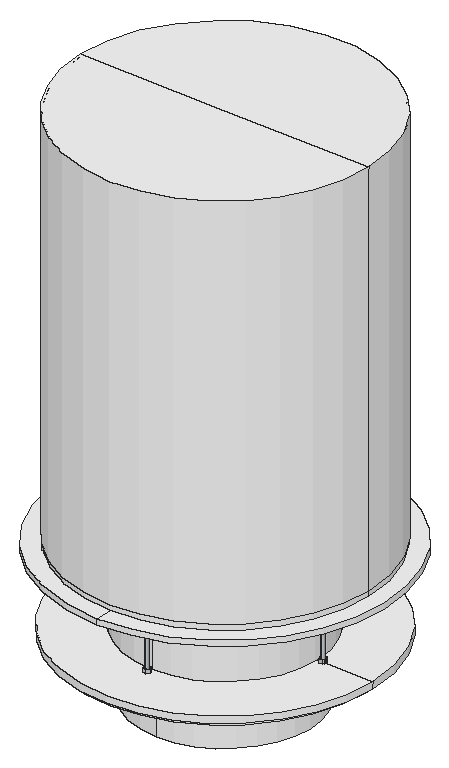
Revit family "R1200-JD-G18H-W31P-16.5L", category Plumbing Fixtures, host Face, Revit 2026
Family settings
  Host = Face
  Round Connector Dimension = Use Radius
  Part Type = Normal
  Enable Cutting in Views = No
  Cut with Voids When Loaded = No
  Maintain Annotation Orientation = No
  Shared = No
  Room Calculation Point = No
Parameters (values of type "R1208-JD-G18H-W31P-16.5L _8" Drain Pipe Size")
  WFU = 0
  URL = "WWW.MIFAB.COM"
  Pipe Radius = Pipe Diameter / 2  # 0' - 4"
  Pipe Diameter = 0' - 8"
  No Hub Standard Height = 0' - 6 1/2"
  Model = "R1208-JD-M-G5H"
  Manufacturer = "MIFAB"
  Floor Drain Material = Paint - Sherwin Williams Paint - #952C2A - Bellwood Red
  Description = "LARGE GREEN ROOF DRAIN WITH STAINLESS STEEL BALLAST GUARD AND PVC PERFORATED STANDPIPE"
  Default Elevation = 0' - 0"
  CWFU = 0
  Bottom Height = 0' - 3 1/2"
  Assembly Code = ""
Types (7): name | Pipe Radius | Pipe Diameter | No Hub Standard Height | Model
  (no name) | 0' - 4" | 0' - 8" | 0' - 6 1/2" | "R1208-JD-M-G5H"
  R1205,6-JD-G18H-W31P-16.5L_6" Drain Pipe Size | 0' - 3" | 0' - 6" | 0' - 6 1/2" | "R1205,6-JD-G18H-W31P-16.5L"
  R1208-JD-G18H-W31P-16.5L _8" Drain Pipe Size | 0' - 4" | 0' - 8" | 0' - 6 1/2" | "R1208-JD-M-G5H"
  R1205,6-JD-G18H-W31P-16.5L_5" Drain Pipe Size | 0' - 2 1/2" | 0' - 5" | 0' - 6 3/4" | "R1205,6-JD-G18H-W31P-16.5L"
  R1202,3,4-JD-G18H-W31P-16.5L_4" Drain Pipe Size | 0' - 2" | 0' - 4" | 0' - 6 1/2" | "R1202,3,4-JD-G18H-W31P-16.5L"
  R1202,3,4-JD-G18H-W31P-16.5L_3" Drain Pipe Size | 0' - 1 1/2" | 0' - 3" | 0' - 6 1/2" | "R1202,3,4-JD-G18H-W31P-16.5L"
  R1202,3,4-JD-G18H-W31P-16.5L _2" Drain Pipe Size | 0' - 1" | 0' - 2" | 0' - 6 1/2" | "R1202,3,4-JD-G18H-W31P-16.5L"
Reference planes (in)
  plane 1 "Center (Front/Back)": y = 0
  plane 2: z = 0
  plane 3 "Center (Left/Right)": x = 0
  plane 4: z = -7.25
  plane 5: z = -3
  plane 6: z = -5
  plane 7: y = -4
  plane 8: y = 4
  plane 9: x = -2.5
  plane 10: x = 2.5
  plane 11: z = 18
  plane 12: x = 7.5
  plane 13: x = -7.5
  plane 14: y = 7.5
  plane 15: y = -7.5
  plane 16: z = -5.14286
  plane 17: z = -0.25
  plane 18: z = -6.5
  plane 19: y = 3.75
  plane 20: y = -3.75
  plane 21: y = 4.8125
  plane 22: y = -4.8125
  plane 23: x = 6.23869
  plane 24: x = 6.75
  plane 25: x = -6.75
  plane 26: z = 16.5
  plane 27: z = -3.5
  plane 28: z = -4.26379
Forms (in)
  Revolve 1, solid, material "Paint - Sherwin Williams Paint - #952C2A - Bellwood Red" <- "Floor Drain Material"
    sketch origin (0, 0.04396, -2.375) x (0, 1, 0) y (0, 0, 1)
      loop
        line (-4.16896, 2.375) -> (-7.54396, 2.375) -> (-7.54396, 2.125) -> (-4.85646, 2.125) -> (-4.85646, 1.375) -> (-4.29396, 1.375) -> (-4.29396, -2.0625) -> (-4.04396, -2.0625) -> (-4.04396, -4.125) -> (-3.79396, -4.125) -> (-3.79396, -1.8125) -> (-3.66896, -1.8125) -> (-3.66896, -0.625) -> (-4.16896, -0.625) -> (-4.16896, 2.375)
      axis (-0.04396, 2.375) -> (-0.04396, -4.125)
    angle from 0 to 360
  Revolve 2, solid, material "Paint - Sherwin Williams Paint - #952C2A - Bellwood Red" <- "Floor Drain Material"
    sketch origin (0, 0, 7.5) x (1, 0, 0) y (0, 0, 1)
      loop
        line (6.75, 10.5) -> (0, 10.5) -> (0, 10.43634) -> (6.68634, 10.43634) -> (6.68634, -7.25) -> (6.75, -7.25) -> (6.75, 10.5)
      axis (0, -7.25) -> (0, 10.5)
    angle from 0 to 360
  Revolve 3, solid, material "Paint - Sherwin Williams Paint - #952C2A - Bellwood Red" <- "Floor Drain Material"
    sketch origin (0, 0, 0) x (1, 0, 0) y (0, 0, 1)
      loop
        line (6.72286, 0) -> (6.72286, 0.25) -> (6.46702, 0.25) -> (6.46702, 0.57791) -> (6.17015, 0.57791) -> (6.17015, 0.25) -> (2.71505, 0.25) -> (2.71505, 0.75) -> (2.30485, 0.75) -> (2.30485, 0.25) -> (2.24434, 0.25) -> (2.24434, 1.38137) -> (2.5, 1.38137) -> (2.5, 4.5) -> (2.24434, 4.5) -> (2.24434, 16.5) -> (2, 16.5) -> (2, 1.90047) -> (0, 1.90047) -> (0, 1.65047) -> (2, 1.65047) -> (2, 0.25) -> (0, 0.25) -> (0, 0) -> (6.72286, 0)
      axis (0, 0) -> (0, 16.5)
    angle from 0 to 360
  Revolve 4, solid, material "Paint - Sherwin Williams Paint - #952C2A - Bellwood Red" <- "Floor Drain Material"
    sketch origin (0, 0, 0) x (1, 0, 0) y (0, 0, 1)
      loop
        line (6.9375, -3.5) -> (4.35041, -3.5) -> (4.35041, -4.01379) -> (5.35041, -4.01379) -> (5.35041, -4.26379) -> (5.85041, -4.26379) -> (5.85041, -4.01379) -> (6.6875, -4.01379) -> (6.6875, -3.80633) -> (6.9375, -3.80633) -> (6.9375, -3.5)
      axis (0, -4.26379) -> (0, -3.5)
    angle from 0 to 360
Lines and regions (in)
  model lines, not visible
    curve 1: line (6.7156, 0, 9.07611) -> (12.5156, 0, 9.07611)
    curve 2: line (12.5156, 0, 9.07611) -> (12.5156, 0, 10.82611)
    curve 3: line (12.5156, 0, 10.82611) -> (6.7156, 0, 10.82611)
    curve 4: line (6.7156, 0, 10.82611) -> (6.7156, 0, 9.07611)
    curve 5: line (7.13163, 0, 10.86539) -> (7.13163, 0, 12.86539)
    curve 6: line (7.13163, 0, 12.86539) -> (15.53163, 0, 12.86539)
    curve 7: line (15.53163, 0, 12.86539) -> (15.53163, 0, 10.86539)
    curve 8: line (11.33163, 0, 12.86539) -> (11.33163, 0, 12.36539)
    curve 9: line (0, 28.52778, -10.8585) -> (0, 28.52778, -8.6085)
    curve 10: line (0, 28.52778, -8.6085) -> (0, 21.02778, -8.6085)
    curve 11: line (0, 21.02778, -8.6085) -> (0, 21.02778, -10.8585)
    curve 12: line (0, 24.77778, -8.6085) -> (0, 24.77778, -9.1085)
    curve 13: line (13.30546, 0, 10.44272) -> (13.30546, 0, 12.69272)
    curve 14: line (13.30546, 0, 12.69272) -> (26.80546, 0, 12.69272)
    curve 15: line (26.80546, 0, 12.69272) -> (26.80546, 0, 10.44272)
    curve 16: line (20.05546, 0, 12.69272) -> (20.05546, 0, 13.19272)
Dimensions and locks (in)
  locked: plane 5 to plane 4 at 4.25
  equal spacing: plane 8, plane 1 "Center (Front/Back)", plane 7
  "Pipe Diameter": plane 8 to plane 7
  "Pipe Radius": plane 1 "Center (Front/Back)" to plane 7
  plane 11 to level = 1' - 6"
  plane 13 to plane 3 "Center (Left/Right)" to plane 12 = 0' - 7 1/2" locked, 0' - 7 1/2" locked
  plane 13 to plane 12 = 1' - 3"  (x3)
  plane 15 to plane 1 "Center (Front/Back)" to plane 14 = 0' - 7 1/2" locked, 0' - 7 1/2" locked
  plane 15 to plane 14 = 1' - 3"
  locked: plane 2 to plane 17 at 0.25
  "No Hub Standard Height": plane 2 to plane 18
  equal spacing: plane 19, plane 1 "Center (Front/Back)", plane 20
  plane 19 to plane 20 = 0' - 7 1/2"
  locked: Revolve 1 sketch curve to plane 15 at 2.6875
  plane 21 to plane 22 = 0' - 9 5/8"
  locked: plane 6 to plane 18 at 1.5
  Revolve 1 sketch curve to plane 22 = 0' - 0 9/16"
  locked: plane 11 to plane 2 at 18
  plane 26 to level = 1' - 4 1/2"
  locked: plane 27 to plane 28 at 0.76379
  "Bottom Height": plane 2 to plane 27
  aligned and locked: plane 2 to host face
  aligned and locked: level to host face
  aligned and locked: Revolve 1 sketch curve to plane 18
  aligned and locked: plane 17 to Revolve 1 sketch curve
  aligned and locked: plane 15 to Revolve 1 sketch curve
  aligned and locked: Revolve 2 sketch curve to plane 11
  aligned and locked: plane 3 "Center (Left/Right)" to Revolve 2 sketch curve
  aligned and locked: plane 27 to Revolve 4 sketch curve
  aligned and locked: plane 28 to Revolve 4 sketch curve
  aligned and locked: plane 1 "Center (Front/Back)" to nested 1
  aligned and locked: nested 1 to Revolve 1
  aligned and locked: nested 2 to Revolve 1
  aligned and locked: nested 3 to Revolve 1
  aligned and locked: nested 4 to Revolve 1
  aligned and locked: nested 2 to plane 1 "Center (Front/Back)"
  aligned and locked: plane 3 "Center (Left/Right)" to nested 4
  aligned and locked: plane 3 "Center (Left/Right)" to nested 3
  aligned and locked: Revolve 3 sketch curve to plane 26
Automatic sketch dimensions
  curve 5 to curve 7 = 0' - 8.4"
  curve 5 to curve 8 = 0' - 4.2"
  curve 5 to curve 5 = 0' - 2"
  curve 7 to curve 6 = 0' - 2"
  curve 8 to curve 8 = 0' - 0 1/2"
  host sketch curve to host sketch curve = 8' - 0"  (x2)
  Revolve 1 sketch curve to plane 5 = 0' - 0"
  Revolve 1 sketch curve to level = 0' - 0"
  plane 20 to Revolve 1 sketch curve = 0' - 0 1/8"
  Revolve 1 sketch curve to plane 7 = 0' - 0"
  Revolve 1 sketch curve to plane 1 "Center (Front/Back)" = 0' - 0"
  Revolve 1 sketch curve to plane 4 = 0' - 0"
  plane 6 to Revolve 1 sketch curve = 0' - 0 9/16"
  Revolve 1 sketch curve to plane 20 = 0' - 0 3/8"
  Revolve 1 sketch curve to plane 7 = 0' - 0 1/4"
  plane 6 to Revolve 1 sketch curve = 0' - 0 13/16"
  Revolve 1 sketch curve to plane 17 = 0' - 0 3/4"
  Revolve 1 sketch curve to plane 5 = 0' - 0 1/4"
  Revolve 2 sketch curve to plane 3 "Center (Left/Right)" = 0' - 0"
  Revolve 2 sketch curve to plane 24 = 0' - 0"
  Revolve 2 sketch curve to plane 26 = 0' - 0"
  level to Revolve 2 sketch curve = 0' - 0 1/4"
  Revolve 2 sketch curve to plane 24 = 0' - 0.06366"
  Revolve 2 sketch curve to plane 26 = 0' - 0 1/2"
  Revolve 2 sketch curve to plane 11 = 0' - 0.06366"
  Revolve 4 sketch curve to plane 3 "Center (Left/Right)" = 0' - 0"
  Revolve 4 sketch curve to plane 10 = 0' - 1.85041"
  Revolve 4 sketch curve to plane 23 = 0' - 0.88828"
  Revolve 4 sketch curve to plane 23 = 0' - 0.38828"
  Revolve 4 sketch curve to plane 24 = 0' - 0 1/16"
  plane 24 to Revolve 4 sketch curve = 0' - 0 3/16"
  Revolve 4 sketch curve to Revolve 4 sketch curve = 0' - 0 1/4"  (x2)
  Revolve 4 sketch curve to Revolve 4 sketch curve = 0' - 0.20746"
  plane 11 to Revolve 4 sketch curve = 0' - 11.79464"
  Revolve 4 sketch curve to Revolve 4 sketch curve = 0' - 2 1/4"
  Revolve 3 sketch curve to plane 3 "Center (Left/Right)" = 0' - 0"  (x3)
  Revolve 3 sketch curve to level = 0' - 0"
  plane 10 to Revolve 3 sketch curve = 0' - 0"
  plane 10 to Revolve 3 sketch curve = 0' - 0 1/2"  (x2)
  level to Revolve 3 sketch curve = 0' - 0 1/4"  (x4)
  Revolve 3 sketch curve to Revolve 3 sketch curve = 0' - 0.24434"  (x2)
  plane 10 to Revolve 3 sketch curve = 0' - 0.19515"
  Revolve 3 sketch curve to plane 10 = 0' - 0.21505"
  Revolve 3 sketch curve to plane 23 = 0' - 0.06854"
  plane 23 to Revolve 3 sketch curve = 0' - 0.22834"
  Revolve 3 sketch curve to plane 24 = 0' - 0.02714"
  Revolve 3 sketch curve to Revolve 3 sketch curve = 0' - 0.32791"
  Revolve 3 sketch curve to Revolve 3 sketch curve = 0' - 0 1/2"
  Revolve 3 sketch curve to Revolve 3 sketch curve = 0' - 0.63137"
  Revolve 3 sketch curve to Revolve 3 sketch curve = 0' - 1.40047"
  Revolve 3 sketch curve to Revolve 3 sketch curve = 0' - 0 1/4"
  Revolve 3 sketch curve to Revolve 3 sketch curve = 1' - 0"
  plane 11 to Revolve 3 sketch curve = 0' - 2.65404"
  Revolve 3 sketch curve to Revolve 3 sketch curve = 0' - 1 3/4"
Nested families (in)
  nested 1: "Bolt1" at (-4.55567, 0, -4.01379), type "Bolt1"
    with Height 0' - 3.01379"
  nested 2: "Bolt1" at (4.58798, 0, -4.01379) x (0, 1, 0) z (0, 0, 1), type "Bolt1"
    with Height 0' - 3.01379"
  nested 3: "Bolt1" at (0, 4.57488, -4.01379) x (0, 1, 0) z (0, 0, 1), type "Bolt1"
    with Height 0' - 3.01379"
  nested 4: "Bolt1" at (0, -4.57063, -4.01379) x (0, 1, 0) z (0, 0, 1), type "Bolt1"
    with Height 0' - 3.01379"
Connectors (in)
  piping at (0, 0, -6.5), diameter 8, driven by "Pipe Radius", driven by "WFU"
    settings: on Revolve 1, index 2, connector inside diameter 2", connector length 0' - 0", flow factor 0, pipe flow 0 GPM, pressure drop 0.00 psi, fitting loss kfactor 0, connector angle 0.00°, fixture units 0, engagement length 0' - 0", angle of deflection 0.00°, flow configuration 3, flow direction 2, fitting loss method 0, system type 16, joint type 0, gender type 0, connector reference index -1, connector utility 0, adjustable connector no, is connector primary yes, connector description "Sanitary Out"
Definition of nested family "Bolt1"
  Parameters (values of type "Bolt1")
    Material = none
    Height [instance] = 1' - 1.38583"
    Default Elevation = 4' - 0"
  Reference planes (in)
    plane 1 "Center (Front/Back)": y = 0
    plane 2: z = 0
    plane 3 "Center (Left/Right)": x = 0
    plane 4: z = 13.38583
    plane 5: z = 0.51562
    plane 6: z = 0.67452
  Forms (in)
    Extrusion 1, solid
      sketch origin (0, 0, 0) x (1, 0, 0) y (0, 1, 0)
        loop
          line (-48, 48) -> (-48, -48) -> (48, -48) -> (48, 48) -> (-48, 48)
      from 0 to -12
    Revolve 2, solid, material <- "Material"
      sketch origin (0, 0, 0) x (1, 0, 0) y (0, 0, 1)
        loop
          line (0, 13.38583) -> (0, -0.33562) -> (0.11073, -0.33562) -> (0.11073, -0.09843) -> (0.20961, -0.09843) -> (0.20961, 0) -> (0.07382, 0) -> (0.07382, 12.93209) -> (0.11234, 12.93209)
          arc (0.11234, 12.93209) -> (0.14919, 12.94735) -> (0.16446, 12.9842) r 0.05211
          line (0.16446, 12.9842) -> (0.16446, 13.38583) -> (0, 13.38583)
        axis (0, -0.33562) -> (0, 13.38583)
      angle from 0 to 360
    Extrusion 3, solid, material <- "Material"
      sketch origin (0, 0, 0) x (1, 0, 0) y (0, 1, 0)
        loop
          line (0, 0.16446) -> (-0.14242, 0.08223) -> (-0.14242, -0.08223) -> (0, -0.16446) -> (0.14242, -0.08223) -> (0.14242, 0.08223) -> (0, 0.16446)
      from 0.51562 to 0.67452
  Dimensions and locks (in)
    "Height": plane 4 to plane 2
    aligned and locked: plane 2 to Extrusion 1
    aligned and locked: level to Extrusion 1
    aligned and locked: Revolve 2 sketch curve to plane 3 "Center (Left/Right)"
    aligned and locked: Extrusion 1 to Revolve 2 sketch curve
    aligned and locked: Extrusion 3 to plane 5
    aligned and locked: plane 6 to Extrusion 3
  Automatic sketch dimensions
    Extrusion 1 sketch curve to Extrusion 1 sketch curve = 8' - 0"  (x2)
    Revolve 2 sketch curve to plane 3 "Center (Left/Right)" = 0' - 0"
    Revolve 2 sketch curve to plane 4 = 0' - 0"
    plane 3 "Center (Left/Right)" to Revolve 2 sketch curve = 0' - 0.07382"
    Revolve 2 sketch curve to Revolve 2 sketch curve = 0' - 0.11073"
    Revolve 2 sketch curve to Revolve 2 sketch curve = 0' - 0.03852"
    plane 3 "Center (Left/Right)" to Revolve 2 sketch curve = 0' - 0.16446"
    Revolve 2 sketch curve to Revolve 2 sketch curve = 0' - 0.13579"
    Revolve 2 sketch curve to level = 0' - 0.09843"
    Revolve 2 sketch curve to Revolve 2 sketch curve = 0' - 0.23719"
    Revolve 2 sketch curve to plane 4 = 0' - 0.45374"
    Revolve 2 sketch curve to Revolve 2 sketch curve = 0' - 5.38878"
    Revolve 2 sketch curve to Revolve 2 sketch curve = 0' - 5.51181"
